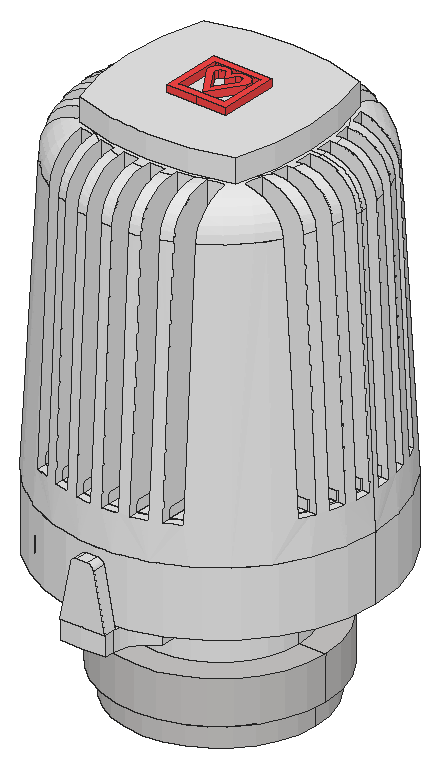
Revit family "Термостатическая головка HERZ, с присоединительной резьбой М 28х1.5, 7230", category Rohrzubehör, Revit 2020
Family settings
  Bemaßung runder Anschluss = Durchmesser verwenden
  Teiletyp = Normal
  OmniClass-Nummer = 23.65.55.14
  OmniClass-Titel = Valves for Liquid Services
  Arbeitsebenenbasiert = Nein
  Immer vertikal = Nein
  Beim Laden mit Abzugskörper schneiden = Nein
  Gemeinsam genutzt = Nein
Parameters
  Принцип действия = "HERZ-термостатическая головка является датчиком прямого регулирования.\r\nИзменение объема жидкости в HERZ-гидросенсоре приводит в движение шток клапана."
  Область применения = "Для монтажа на всех HERZ-клапанах, предназначенных для термостатической работы."
  Номер заказа = 1723006  # constant formula
  Маховик = "Пластик, белый"  # constant formula
  Исполнение = "Термостатическая головка с жидкостным датчиком (гидросенсором) с позициями теплового запираниия \"0\" и морозозащиты, с ограничением и блокировкой диапазона регулирования. Цвет маховика - белый."
  Диапазон регулирования = "0 - 28°C"  # constant formula
  Автоматическая защита от замерзания = "при прибл. 6 °C"  # constant formula
  W02 = 120.00°  # constant formula
  W01 = 135.00°  # constant formula
  Vorgabe-Ansicht = 0.000 mm
  URL = "www.herz-armaturen.ru"
  S02 = 60.000 mm  # constant formula
  S01 = H02 + H07  # 76.000 mm
  R07 = 6.000 mm  # constant formula
  R06 = 24.000 mm  # constant formula
  R05 = 16.350 mm  # constant formula
  R04 = 14.750 mm  # constant formula
  R03 = 13.200 mm  # constant formula
  R02 = 12.200 mm  # constant formula
  R01 = 22.400 mm  # constant formula
  Hersteller = "HERZ Armaturen Ges.m.b.H."  # constant formula
  H09 = 3.500 mm  # constant formula
  H08 = 10.000 mm  # constant formula
  H07 = 59.000 mm  # constant formula
  H06 = 3.000 mm  # constant formula
  H05 = 10.500 mm  # constant formula
  H03 = 5.500 mm  # constant formula
  H02 = 17.000 mm  # constant formula
  H01 = 34.000 mm  # constant formula
Reference planes
  plane 1 "Mitte (Vorne/hinten)": y = 0
  plane 2: z = 0
  plane 3 "Mitte (Links/rechts)": x = 0
Forms (mm)
  Revolve 1, solid, material "Kunststoff weiß", detail levels fine
    sketch origin (0, 0, 0) x (1, 0, 0) y (0, 0, 1)
      loop
        line (0, 0) -> (13.2, 0) -> (13.2, 4.5) -> (12.2, 5.5) -> (12.2, 17) -> (22.4, 17) -> (22.4, 34) -> (0, 34) -> (0, 0)
      axis (0, 34) -> (0, 0)
    angle from 0 to 360
  Revolve 2, solid, material "Messing verzinkt", detail levels fine
    sketch origin (0, 0, 0) x (1, 0, 0) y (0, 0, 1)
      loop
        line (0, 5.5) -> (13.2, 5.5) -> (13.2, -3.063) -> (14.75, -3.063) -> (14.75, -0.063) -> (16.35, 0.861) -> (16.35, 7.437) -> (0, 7.437) -> (0, 5.5)
      axis (0, 7.437) -> (0, -3.063)
    angle from 0 to 360
  Revolve 3, solid, material "Kunststoff weiß", detail levels fine
    sketch origin (0, 0, 0) x (1, 0, 0) y (0, 0, 1)
      loop
        line (0, 17) -> (24, 17) -> (24, 27) -> (21.791, 70.306)
        arc (21.791, 70.306) -> (19.931, 74.349) -> (15.798, 76) r 6
        line (15.798, 76) -> (0, 76) -> (0, 17)
      axis (0, 76) -> (0, 17)
    angle from 0 to 360
  Extrusion 4, void
    sketch origin (0, 0, 0) x (1, 0, 0) y (0, 1, 0)
      loop
        line (24.458, 0.8) -> (24.458, 3.2) -> (14.361, 3.2)
        arc (14.361, 3.2) -> (14.446, 2.001) -> (14.491, 0.8) r 37
        line (14.491, 0.8) -> (24.458, 0.8)
      loop
        line (24.458, 4.8) -> (24.458, 7.2) -> (13.793, 7.2)
        arc (13.793, 7.2) -> (14.01, 6.003) -> (14.187, 4.8) r 37
        line (14.187, 4.8) -> (24.458, 4.8)
      loop
        line (24.458, 8.8) -> (24.458, 11.2) -> (12.764, 11.2)
        arc (12.764, 11.2) -> (13.121, 10.006) -> (13.438, 8.8) r 37
        line (13.438, 8.8) -> (24.458, 8.8)
      loop
        line (24.458, -0.8) -> (14.491, -0.8)
        arc (14.491, -0.8) -> (14.446, -2.001) -> (14.361, -3.2) r 37
        line (14.361, -3.2) -> (24.458, -3.2) -> (24.458, -0.8)
      loop
        line (24.458, -4.8) -> (14.187, -4.8)
        arc (14.187, -4.8) -> (14.01, -6.003) -> (13.793, -7.2) r 37
        line (13.793, -7.2) -> (24.458, -7.2) -> (24.458, -4.8)
      loop
        line (24.458, -8.8) -> (13.438, -8.8)
        arc (13.438, -8.8) -> (13.121, -10.006) -> (12.764, -11.2) r 37
        line (12.764, -11.2) -> (24.458, -11.2) -> (24.458, -8.8)
      loop
        line (-24.458, 0.8) -> (-14.491, 0.8)
        arc (-14.491, 0.8) -> (-14.446, 2.001) -> (-14.361, 3.2) r 37
        line (-14.361, 3.2) -> (-24.458, 3.2) -> (-24.458, 0.8)
      loop
        line (-24.458, 4.8) -> (-14.187, 4.8)
        arc (-14.187, 4.8) -> (-14.01, 6.003) -> (-13.793, 7.2) r 37
        line (-13.793, 7.2) -> (-24.458, 7.2) -> (-24.458, 4.8)
      loop
        line (-24.458, 8.8) -> (-13.438, 8.8)
        arc (-13.438, 8.8) -> (-13.121, 10.006) -> (-12.764, 11.2) r 37
        line (-12.764, 11.2) -> (-24.458, 11.2) -> (-24.458, 8.8)
      loop
        line (-24.458, -0.8) -> (-24.458, -3.2) -> (-14.361, -3.2)
        arc (-14.361, -3.2) -> (-14.446, -2.001) -> (-14.491, -0.8) r 37
        line (-14.491, -0.8) -> (-24.458, -0.8)
      loop
        line (-24.458, -4.8) -> (-24.458, -7.2) -> (-13.793, -7.2)
        arc (-13.793, -7.2) -> (-14.01, -6.003) -> (-14.187, -4.8) r 37
        line (-14.187, -4.8) -> (-24.458, -4.8)
      loop
        line (-24.458, -8.8) -> (-24.458, -11.2) -> (-12.764, -11.2)
        arc (-12.764, -11.2) -> (-13.121, -10.006) -> (-13.438, -8.8) r 37
        line (-13.438, -8.8) -> (-24.458, -8.8)
      loop
        line (0.8, 24.458) -> (0.8, 14.491)
        arc (0.8, 14.491) -> (2.001, 14.446) -> (3.2, 14.361) r 37
        line (3.2, 14.361) -> (3.2, 24.458) -> (0.8, 24.458)
      loop
        line (4.8, 24.458) -> (4.8, 14.187)
        arc (4.8, 14.187) -> (6.003, 14.01) -> (7.2, 13.793) r 37
        line (7.2, 13.793) -> (7.2, 24.458) -> (4.8, 24.458)
      loop
        line (8.8, 24.458) -> (8.8, 13.438)
        arc (8.8, 13.438) -> (10.006, 13.121) -> (11.2, 12.764) r 37
        line (11.2, 12.764) -> (11.2, 24.458) -> (8.8, 24.458)
      loop
        line (-0.8, 24.458) -> (-3.2, 24.458) -> (-3.2, 14.361)
        arc (-3.2, 14.361) -> (-2.001, 14.446) -> (-0.8, 14.491) r 37
        line (-0.8, 14.491) -> (-0.8, 24.458)
      loop
        line (-4.8, 24.458) -> (-7.2, 24.458) -> (-7.2, 13.793)
        arc (-7.2, 13.793) -> (-6.003, 14.01) -> (-4.8, 14.187) r 37
        line (-4.8, 14.187) -> (-4.8, 24.458)
      loop
        line (-8.8, 24.458) -> (-11.2, 24.458) -> (-11.2, 12.764)
        arc (-11.2, 12.764) -> (-10.006, 13.121) -> (-8.8, 13.438) r 37
        line (-8.8, 13.438) -> (-8.8, 24.458)
      loop
        line (0.8, -24.458) -> (3.2, -24.458) -> (3.2, -14.361)
        arc (3.2, -14.361) -> (2.001, -14.446) -> (0.8, -14.491) r 37
        line (0.8, -14.491) -> (0.8, -24.458)
      loop
        line (4.8, -24.458) -> (7.2, -24.458) -> (7.2, -13.793)
        arc (7.2, -13.793) -> (6.003, -14.01) -> (4.8, -14.187) r 37
        line (4.8, -14.187) -> (4.8, -24.458)
      loop
        line (8.8, -24.458) -> (11.2, -24.458) -> (11.2, -12.764)
        arc (11.2, -12.764) -> (10.006, -13.121) -> (8.8, -13.438) r 37
        line (8.8, -13.438) -> (8.8, -24.458)
      loop
        line (-0.8, -24.458) -> (-0.8, -14.491)
        arc (-0.8, -14.491) -> (-2.001, -14.446) -> (-3.2, -14.361) r 37
        line (-3.2, -14.361) -> (-3.2, -24.458) -> (-0.8, -24.458)
      loop
        line (-4.8, -24.458) -> (-4.8, -14.187)
        arc (-4.8, -14.187) -> (-6.003, -14.01) -> (-7.2, -13.793) r 37
        line (-7.2, -13.793) -> (-7.2, -24.458) -> (-4.8, -24.458)
      loop
        line (-8.8, -24.458) -> (-8.8, -13.438)
        arc (-8.8, -13.438) -> (-10.006, -13.121) -> (-11.2, -12.764) r 37
        line (-11.2, -12.764) -> (-11.2, -24.458) -> (-8.8, -24.458)
    from 32.5 to 78
  Extrusion 5, solid, material "Kunststoff weiß", detail levels fine
    sketch origin (0, 0, 0) x (1, 0, 0) y (0, 1, 0)
      loop
        arc (12, 12) -> (0, 14) -> (-12, 12) r 37
        arc (-12, 12) -> (-14, 0) -> (-12, -12) r 37
        arc (-12, -12) -> (0, -14) -> (12, -12) r 37
        arc (12, -12) -> (14, 0) -> (12, 12) r 37
    from 76 to 79.5
  Extrusion 6, solid, material "Kunststoff weiß", detail levels fine
    sketch origin (0.017, -0.017, 0) x (0, -1, 0) y (1, 0, 0)
      loop
        line (14.714, 6.983) -> (14.714, -7.017) -> (19.645, -7.017)
        arc (19.645, -7.017) -> (21.761, -4.508) -> (24.882, -3.488) r 6
        line (24.882, -3.488) -> (26.272, -3.488)
        arc (26.272, -3.488) -> (26.5, 0) -> (26.267, 3.488) r 26.5
        line (26.267, 3.488) -> (24.882, 3.488)
        arc (24.882, 3.488) -> (21.777, 4.497) -> (19.66, 6.983) r 6
        line (19.66, 6.983) -> (14.714, 6.983)
    from 14 to 17
  Extrusion 7, solid, material "Kunststoff weiß", detail levels fine
    sketch origin (0.017, -0.017, 0) x (1, 0, 0) y (0, 0, 1)
      loop
        arc (-0.8, 26.1) -> (-1.432, 25.875) -> (-1.779, 25.302) r 1
        line (-1.779, 25.302) -> (-3.488, 17) -> (3.488, 17) -> (1.779, 25.302)
        arc (1.779, 25.302) -> (1.432, 25.875) -> (0.8, 26.1) r 1
        line (0.8, 26.1) -> (-0.8, 26.1)
    from 26.5 to 24.5
Cuts and joins
  Extrusion 4 cuts Revolve 1
  Extrusion 4 cuts Revolve 3
Lines and regions (mm)
  model lines, detail levels coarse+medium
    curve 1: line (0, 0, 0) -> (0, 0, 16)
    curve 2: line (0, 0, 0) -> (0, 16, 0)
    curve 3: circle (0, 0, 46) r 30 normal (0, -1, 0)
    curve 4: circle (0, 0, 46) r 30 normal (1, 0, 0)
    curve 5: line (0, 0, 26) -> (0, 0, 66)
    curve 6: line (0, 17.5, 66) -> (0, -17.5, 66)
    curve 7: line (0, 0, 26) -> (0, 0, 66)
    curve 8: line (-17.5, 0, 66) -> (17.5, 0, 66)
    curve 9: circle (0, 46, 0) r 30 normal (0, 0, 1)
    curve 10: line (0, 26, 0) -> (0, 66, 0)
    curve 11: line (-17.5, 66, 0) -> (17.5, 66, 0)
Dimensions and locks
  "H01": Revolve 1 sketch curve to Revolve 1 sketch curve
  "H02": Revolve 1 sketch curve to Revolve 1 sketch curve
  "H03": Revolve 1 sketch curve to Revolve 1 sketch curve
  "R01": Revolve 1 sketch curve to Revolve 1 sketch curve
  "R02": Revolve 1 sketch curve to Revolve 1 sketch curve
  "R03": Revolve 1 sketch curve to Revolve 1 sketch curve
  "H05": Revolve 2 sketch curve to Revolve 2 sketch curve
  "H06": Revolve 2 sketch curve to Revolve 2 sketch curve
  "H03": Revolve 2 sketch curve to plane 2
  "R04": Revolve 2 sketch curve to plane 3 "Mitte (Links/rechts)"
  "R03": plane 3 "Mitte (Links/rechts)" to Revolve 2 sketch curve
  "R05": Revolve 2 sketch curve to plane 3 "Mitte (Links/rechts)"
  "H08": Revolve 3 sketch curve to Revolve 3 sketch curve
  "R06": Revolve 3 sketch curve to Revolve 3 sketch curve
  "H02": Revolve 3 sketch curve to plane 2
  "H07": Revolve 3 sketch curve to Revolve 3 sketch curve
  "S01": curve 4 to plane 2
  "S01": curve 3 to plane 2
  "S01": plane 1 "Mitte (Vorne/hinten)" to curve 9
  "R07": radius of Revolve 3 sketch curve
  "S02": diameter of curve 3
  "S02": diameter of curve 4
  "S02": diameter of curve 9
  "W01": angle Revolve 1 sketch curve to Revolve 1 sketch curve
  "W02": angle Revolve 2 sketch curve to Revolve 2 sketch curve
  aligned and locked: level to plane 2
Automatic sketch dimensions
  plane 1 "Mitte (Vorne/hinten)" to Extrusion 5 sketch curve = 0.000 mm  (x2)
  Extrusion 5 sketch curve to plane 3 "Mitte (Links/rechts)" = 0.000 mm  (x2)
  Extrusion 5 sketch curve to plane 3 "Mitte (Links/rechts)" = 23.000 mm
  plane 3 "Mitte (Links/rechts)" to Extrusion 5 sketch curve = 23.000 mm
  plane 1 "Mitte (Vorne/hinten)" to Extrusion 5 sketch curve = 23.000 mm
  Extrusion 5 sketch curve to plane 1 "Mitte (Vorne/hinten)" = 23.000 mm
  Extrusion 5 sketch curve to plane 3 "Mitte (Links/rechts)" = 12.000 mm  (x2)
  plane 3 "Mitte (Links/rechts)" to Extrusion 5 sketch curve = 12.000 mm
  plane 1 "Mitte (Vorne/hinten)" to Extrusion 5 sketch curve = 12.000 mm
  Extrusion 4 sketch curve to Extrusion 4 sketch curve = 0.000 mm  (x58)
  plane 1 "Mitte (Vorne/hinten)" to Extrusion 4 sketch curve = 0.000 mm  (x2)
  Extrusion 4 sketch curve to plane 3 "Mitte (Links/rechts)" = 0.000 mm  (x2)
  Extrusion 4 sketch curve to plane 3 "Mitte (Links/rechts)" = 0.800 mm  (x2)
  Extrusion 4 sketch curve to Extrusion 4 sketch curve = 2.400 mm  (x12)
  Extrusion 4 sketch curve to Extrusion 4 sketch curve = 1.600 mm  (x16)
  Extrusion 4 sketch curve to Extrusion 4 sketch curve = 1.564 mm  (x8)
  Extrusion 4 sketch curve to Extrusion 4 sketch curve = 0.674 mm  (x5)
  Extrusion 4 sketch curve to Extrusion 4 sketch curve = 0.354 mm  (x8)
  Extrusion 4 sketch curve to Extrusion 4 sketch curve = 0.395 mm  (x4)
  Extrusion 4 sketch curve to Extrusion 4 sketch curve = 0.174 mm  (x8)
  plane 1 "Mitte (Vorne/hinten)" to Extrusion 4 sketch curve = 0.800 mm  (x2)
  Extrusion 4 sketch curve to Extrusion 4 sketch curve = 0.130 mm  (x2)
  Extrusion 4 sketch curve to plane 1 "Mitte (Vorne/hinten)" = 0.800 mm  (x2)
  Extrusion 4 sketch curve to Extrusion 4 sketch curve = 8.009 mm  (x3)
  Extrusion 4 sketch curve to Extrusion 4 sketch curve = 1.958 mm  (x7)
  plane 3 "Mitte (Links/rechts)" to Extrusion 4 sketch curve = 0.800 mm  (x2)
  Extrusion 4 sketch curve to Extrusion 4 sketch curve = 11.019 mm
  Extrusion 6 sketch curve to plane 3 "Mitte (Links/rechts)" = 0.000 mm
  plane 1 "Mitte (Vorne/hinten)" to Extrusion 6 sketch curve = 0.017 mm
  Extrusion 6 sketch curve to plane 3 "Mitte (Links/rechts)" = 7.000 mm
  plane 1 "Mitte (Vorne/hinten)" to Extrusion 6 sketch curve = 14.731 mm
  Extrusion 6 sketch curve to Extrusion 6 sketch curve = 4.930 mm
  Extrusion 6 sketch curve to Extrusion 6 sketch curve = 4.946 mm
  Extrusion 6 sketch curve to plane 3 "Mitte (Links/rechts)" = 3.471 mm
  Extrusion 6 sketch curve to Extrusion 6 sketch curve = 5.237 mm
  Extrusion 6 sketch curve to Extrusion 6 sketch curve = 5.222 mm
  Extrusion 6 sketch curve to Extrusion 6 sketch curve = 5.470 mm
  Extrusion 6 sketch curve to Extrusion 6 sketch curve = 0.233 mm
  Extrusion 6 sketch curve to Extrusion 6 sketch curve = 1.390 mm
  plane 3 "Mitte (Links/rechts)" to Extrusion 6 sketch curve = 3.505 mm
  Extrusion 6 sketch curve to Extrusion 6 sketch curve = 3.495 mm
  Extrusion 6 sketch curve to Extrusion 6 sketch curve = 0.000 mm
  Extrusion 7 sketch curve to plane 3 "Mitte (Links/rechts)" = 3.471 mm
  Extrusion 7 sketch curve to plane 3 "Mitte (Links/rechts)" = 1.763 mm
  Extrusion 7 sketch curve to plane 3 "Mitte (Links/rechts)" = 0.783 mm
  plane 3 "Mitte (Links/rechts)" to Extrusion 7 sketch curve = 0.817 mm
  Extrusion 7 sketch curve to Extrusion 7 sketch curve = 0.979 mm
  plane 3 "Mitte (Links/rechts)" to Extrusion 7 sketch curve = 3.505 mm
  level to Extrusion 7 sketch curve = 17.000 mm
  Extrusion 7 sketch curve to Extrusion 7 sketch curve = 8.100 mm
  Extrusion 7 sketch curve to Extrusion 7 sketch curve = 0.000 mm
  Extrusion 7 sketch curve to Extrusion 7 sketch curve = 0.202 mm
  curve 5 to plane 1 "Mitte (Vorne/hinten)" = 0.000 mm
  curve 4 to plane 1 "Mitte (Vorne/hinten)" = 0.000 mm
  plane 1 "Mitte (Vorne/hinten)" to curve 6 = 17.500 mm
  curve 5 to curve 6 = 17.500 mm
  curve 5 to curve 4 = 20.000 mm
  curve 4 to curve 6 = 20.000 mm
  curve 3 to plane 3 "Mitte (Links/rechts)" = 0.000 mm
  curve 7 to plane 3 "Mitte (Links/rechts)" = 0.000 mm
  curve 1 to plane 3 "Mitte (Links/rechts)" = 0.000 mm
  curve 1 to level = 0.000 mm
  curve 8 to plane 3 "Mitte (Links/rechts)" = 17.500 mm
  curve 7 to curve 8 = 17.500 mm
  curve 1 to curve 7 = 10.000 mm
  curve 3 to curve 8 = 20.000 mm
  curve 9 to plane 3 "Mitte (Links/rechts)" = 0.000 mm
  curve 10 to plane 3 "Mitte (Links/rechts)" = 0.000 mm
  curve 2 to plane 3 "Mitte (Links/rechts)" = 0.000 mm
  plane 1 "Mitte (Vorne/hinten)" to curve 2 = 0.000 mm
  curve 11 to curve 10 = 17.500 mm
  plane 3 "Mitte (Links/rechts)" to curve 11 = 17.500 mm
  curve 2 to curve 10 = 10.000 mm
  curve 9 to curve 11 = 20.000 mm
  Revolve 1 sketch curve to level = 0.000 mm
  Revolve 1 sketch curve to plane 3 "Mitte (Links/rechts)" = 0.000 mm  (x2)
  Revolve 1 sketch curve to level = 366.045 mm
  Revolve 1 sketch curve to Revolve 1 sketch curve = 2180.315 mm
  Revolve 2 sketch curve to plane 3 "Mitte (Links/rechts)" = 0.000 mm  (x2)
  level to Revolve 2 sketch curve = 0.861 mm
  Revolve 2 sketch curve to Revolve 2 sketch curve = 362.982 mm
  Revolve 2 sketch curve to Revolve 2 sketch curve = 2206.878 mm
  Revolve 3 sketch curve to plane 3 "Mitte (Links/rechts)" = 0.000 mm  (x2)
  plane 3 "Mitte (Links/rechts)" to Revolve 3 sketch curve = 15.798 mm
  Revolve 3 sketch curve to Revolve 3 sketch curve = 5.992 mm
  Revolve 3 sketch curve to level = 366.045 mm
  Revolve 3 sketch curve to Revolve 3 sketch curve = 2138.315 mm
Nested families
  nested 1: "Herz-Logo" at (0, 0, 79), type "Herz-Logo", detail levels fine
Definition of nested family "Herz-Logo"
  Parameters (values of type "Herz-Logo")
    Default Elevation = 0.000 mm
  Reference planes
    plane 1 "Mitte (Vorne/hinten)": y = 0
    plane 2: z = 0
    plane 3 "Mitte (Links/rechts)": x = 0
  Forms (mm)
    Extrusion 1, solid
      sketch origin (0, 0, 0) x (1, 0, 0) y (0, 1, 0)
        loop
          line (-0.018, -4.517) -> (4.482, -4.517) -> (4.482, 4.483) -> (-4.518, 4.483) -> (-4.518, -4.517) -> (-0.018, -4.517)
        loop
          line (-0.05, -3.48) -> (3.482, -3.48) -> (3.482, 3.483) -> (-3.518, 3.483) -> (-3.518, -3.48) -> (-0.05, -3.48)
        loop
          arc (-0.018, 2.383) -> (-1.543, 3.287) -> (-3.067, 2.383) r 1.738
          arc (-3.067, 2.383) -> (-3.191, 1.899) -> (-3.067, 1.415) r 1.009
          line (-3.067, 1.415) -> (-0.018, -3.281) -> (3.032, 1.415)
          arc (3.032, 1.415) -> (3.156, 1.899) -> (3.032, 2.383) r 1.009
          arc (3.032, 2.383) -> (1.507, 3.287) -> (-0.018, 2.383) r 1.738
        loop
          arc (1.885, 1.272) -> (2.005, 1.675) -> (1.885, 2.079) r 0.74
          arc (1.885, 2.079) -> (1.265, 2.416) -> (0.644, 2.079) r 0.74
          line (0.644, 2.079) -> (-0.018, 0.97) -> (-0.679, 2.079)
          arc (-0.679, 2.079) -> (-1.3, 2.416) -> (-1.921, 2.079) r 0.74
          arc (-1.921, 2.079) -> (-2.04, 1.675) -> (-1.921, 1.272) r 0.74
          line (-1.921, 1.272) -> (-0.018, -1.658) -> (1.885, 1.272)
      from 0 to 1.5
  Dimensions and locks
    aligned and locked: level to plane 2
